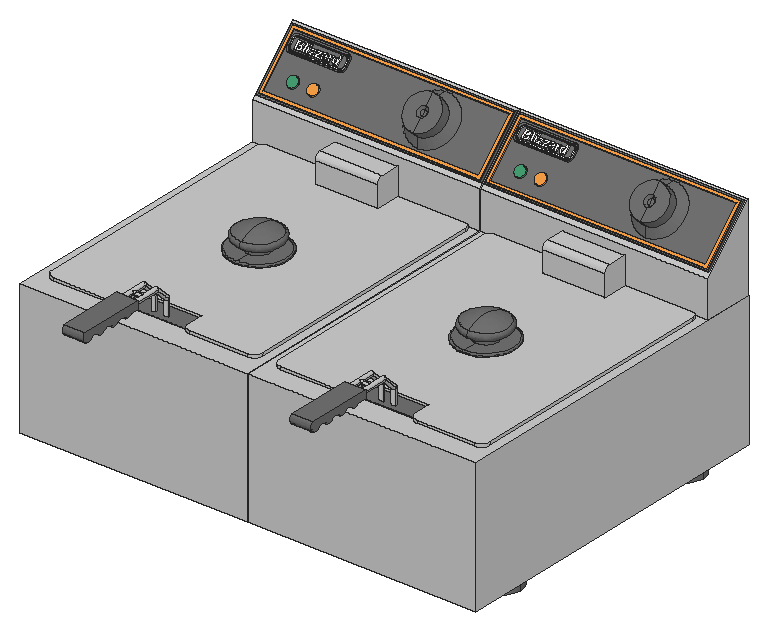
Revit family "QF_BLIZZARD_BF6-6", category Specialty Equipment, Revit 2016
Family settings
  Part Type = Normal
  Round Connector Dimension = Use Diameter
  OmniClass Number = 23.40.40.14
  OmniClass Title = Food Service Equipment
  Work Plane-Based = No
  Always vertical = Yes
  Cut with Voids When Loaded = No
  Shared = No
  Room Calculation Point = No
Parameters (values of type "BF6-6")
  URL = "www.blizzardequipment.com"
  Show Logo [instance] = yes
  Show Clearance [instance] = yes
  Model = "BF6-6"
  Manufacturer = "BLIZZARD"
  Description = "5000W DOUBLE TANK ELECTRIC FRYER 2 X 6L"
  Assembly Code = "E1090320"
Reference planes
  plane 1 "Back": y = 0
  plane 2: z = 0
  plane 3 "Left": x = 0
  plane 4 "Right": x = 549
  plane 5 "Front": y = -410
  plane 6 "Top": z = 285
Forms (mm)
  Extrusion 1, solid
    sketch origin (0, 0, -120) x (0, 1, 0) y (0, 0, 1)
      loop
        line (0, 345) -> (-60, 345) -> (-60, 300.012) -> (0, 300.012) -> (0, 345)
    from 0 to 274
  Extrusion 2, solid
    sketch origin (0, 0, -45.012) x (0, 1, 0) y (0, 0, 1)
      loop
        line (0, 270.012) -> (0, 330.012) -> (-60, 270.012) -> (0, 270.012)
    from 0 to 274
  Extrusion 3, solid
    sketch origin (0, 0, 0) x (0, 1, 0) y (0, 0, 1)
      loop
        line (0, 180.012) -> (-410, 180.012) -> (-410, 19.509) -> (0, 19.509) -> (0, 180.012)
    from 0 to 274
  Extrusion 4, solid
    sketch origin (0, 0, -55.012) x (1, 0, 0) y (0, 1, 0)
      loop
        arc (20, -60) -> (12.929, -62.929) -> (10, -70) r 10
        line (10, -70) -> (10, -375)
        arc (10, -375) -> (12.929, -382.071) -> (20, -385) r 10
        line (20, -385) -> (89.5, -385)
        arc (89.5, -385) -> (96.571, -382.071) -> (99.5, -375) r 10
        line (99.5, -375) -> (99.5, -355) -> (174.5, -355) -> (174.5, -375)
        arc (174.5, -375) -> (177.429, -382.071) -> (184.5, -385) r 10
        line (184.5, -385) -> (254, -385)
        arc (254, -385) -> (261.071, -382.071) -> (264, -375) r 10
        line (264, -375) -> (264, -70)
        arc (264, -70) -> (261.071, -62.929) -> (254, -60) r 10
        line (254, -60) -> (174.5, -60) -> (174.5, -90) -> (99.5, -90) -> (99.5, -60) -> (20, -60)
    from 235.012 to 238.012
  Extrusion 5, solid
    sketch origin (0, 44.77, 0) x (1, 0, 0) y (0, 1, 0)
      loop
        circle (32.179, -94.77) r 20
    from 0 to 19.509
  Extrusion 6, solid
    sketch origin (209, 44.77, 0) x (1, 0, 0) y (0, 1, 0)
      loop
        circle (32.179, -94.77) r 20
    from 0 to 19.509
  Extrusion 7, solid
    sketch origin (0, -230.23, 0) x (1, 0, 0) y (0, 1, 0)
      loop
        circle (32.179, -94.77) r 20
    from 0 to 19.509
  Extrusion 8, solid
    sketch origin (209, -230.23, 0) x (1, 0, 0) y (0, 1, 0)
      loop
        circle (32.179, -94.77) r 20
    from 0 to 19.509
  Extrusion 9, solid
    sketch origin (124.5, 60, -70) x (0, 1, 0) y (0, 0, 1)
      loop
        line (-479.826, 289.253) -> (-559.619, 289.253)
        arc (-559.619, 289.253) -> (-561.702, 284.152) -> (-559.619, 279.051) r 7.289
        arc (-559.619, 279.051) -> (-554.681, 277.153) -> (-549.826, 279.253) r 7
        arc (-549.826, 279.253) -> (-544.826, 281.354) -> (-539.826, 279.253) r 7
        arc (-539.826, 279.253) -> (-534.826, 277.152) -> (-529.826, 279.253) r 7
        arc (-529.826, 279.253) -> (-524.826, 281.354) -> (-519.826, 279.253) r 7
        arc (-519.826, 279.253) -> (-514.826, 277.152) -> (-509.826, 279.253) r 7
        arc (-509.826, 279.253) -> (-504.826, 281.354) -> (-499.826, 279.253) r 7
        arc (-499.826, 279.253) -> (-494.826, 277.152) -> (-489.826, 279.253) r 7
        line (-489.826, 279.253) -> (-479.826, 279.253) -> (-479.826, 289.253)
    from 0 to 25
  Sweep 10, solid
    path origin (129.5, 60, -70) x (0, 1, 0) y (0, 0, 1)
      loop
        line (-479.826, 284.253) -> (-446.21, 284.253) -> (-430.604, 268.646) -> (-430.604, 246.244)
    profile origin (129.5, -403.018, 214.253) x (0, 0, 1) y (1, 0, 0)
      loop
        circle (0, 0) r 2.5
  Sweep 11, solid
    path origin (144.5, 60, -70) x (0, 1, 0) y (0, 0, -1)
      loop
        line (-479.826, -284.253) -> (-446.21, -284.253) -> (-430.604, -268.646) -> (-430.604, -246.244)
    profile origin (144.5, -403.018, 214.253) x (0, 0, -1) y (-1, 0, 0)
      loop
        circle (0, 0) r 2.5
  Extrusion 12, solid
    sketch origin (-8, 60, -55) x (0, 1, 0) y (0, 0, 1)
      loop
        circle (-464.018, 269.245) r 2.153
    from 139.06 to 150.884
  Extrusion 13, solid
    sketch origin (363.088, -120.807, 164.193) x (1, 0, 0) y (0, 0.707106, 0.707108)
      loop
        line (-361.088, 168) -> (-361.088, 92) -> (-91.088, 92) -> (-91.088, 168) -> (-361.088, 168)
    from 0 to 2
  Extrusion 14, solid
    sketch origin (363.088, -120.948, 164.335) x (1, 0, 0) y (0, 0.707106, 0.707108)
      loop
        line (-359.088, 166) -> (-359.088, 94) -> (-93.088, 94) -> (-93.088, 166) -> (-359.088, 166)
      loop
        line (-356.088, 163) -> (-356.088, 97) -> (-96.088, 97) -> (-96.088, 163) -> (-356.088, 163)
    from 0 to 2
  Revolve 15, solid
    sketch origin (192.138, 343.763, -209.866) x (0, 0.707108, -0.707106) y (0, 0.707106, 0.707108)
      loop
        line (-595, 97) -> (-603.953, 88.047) -> (-615.72, 88.047) -> (-615.72, 73.047) -> (-613.494, 70.821) -> (-613.494, 66.623) -> (-595, 66.623) -> (-595, 97)
      axis (-595, 66.623) -> (-615.72, 66.623)
    angle from 0 to 360
  Extrusion 16, solid
    sketch origin (-215.915, -77.229, 209.572) x (1, 0, 0) y (0, 0.707106, 0.707108)
      loop
        circle (248.792, 52.683) r 6.466
    from -0.205 to 1.127
  Extrusion 17, solid, visible <- "Show Logo"
    sketch origin (-13.221, -115.976, 169.589) x (1, 0, 0) y (0, 0.707106, 0.707108)
      loop
        arc (22.13, 139.05) -> (23.822, 134.965) -> (27.907, 133.273) r 5.777
        line (27.907, 133.273) -> (86.809, 133.273)
        arc (86.809, 133.273) -> (90.894, 134.965) -> (92.585, 139.05) r 5.777
        line (92.585, 139.05) -> (92.585, 147.215)
        arc (92.585, 147.215) -> (90.894, 151.299) -> (86.809, 152.991) r 5.777
        line (86.809, 152.991) -> (27.907, 152.991)
        arc (27.907, 152.991) -> (23.822, 151.299) -> (22.13, 147.215) r 5.777
        line (22.13, 147.215) -> (22.13, 139.05)
    from 0 to 2
  Extrusion 18, solid, visible <- "Show Logo"
    sketch origin (-13.221, -112.576, 173.272) x (1, 0, 0) y (0, 0.707106, 0.707108)
      loop
        line (30.3, 133.137) -> (36.162, 133.137)
        arc (36.162, 133.137) -> (39.122, 134.994) -> (38.048, 138.319) r 2.844
        arc (38.048, 138.319) -> (38.838, 141.267) -> (36.338, 143.017) r 2.66
        line (36.338, 143.017) -> (31.338, 143.017) -> (30.3, 133.137)
      loop
        line (33.066, 135.126) -> (35.993, 135.126)
        arc (35.993, 135.126) -> (36.943, 136.076) -> (35.993, 137.026) r 0.95
        line (35.993, 137.026) -> (33.066, 137.026) -> (33.066, 135.126)
      loop
        line (33.528, 139.285) -> (36.147, 139.285)
        arc (36.147, 139.285) -> (36.994, 140.133) -> (36.147, 140.98) r 0.847
        line (36.147, 140.98) -> (33.528, 140.98) -> (33.528, 139.285)
      loop
        line (40.306, 133.137) -> (42.874, 133.137) -> (43.912, 143.017) -> (41.344, 143.017) -> (40.306, 133.137)
      loop
        line (45.174, 140.98) -> (47.749, 140.98) -> (47.964, 143.017) -> (45.389, 143.017) -> (45.174, 140.98)
      loop
        line (45.104, 140.313) -> (44.35, 133.137) -> (46.671, 133.137) -> (47.425, 140.313) -> (45.104, 140.313)
      loop
        line (48.314, 138.359) -> (51.196, 138.359) -> (47.765, 134.548) -> (47.765, 133.137) -> (54.184, 133.137) -> (54.393, 135.126) -> (51.213, 135.126) -> (54.657, 138.952) -> (54.657, 140.313) -> (48.519, 140.313) -> (48.314, 138.359)
      loop
        line (55.213, 138.359) -> (58.095, 138.359) -> (54.664, 134.548) -> (54.664, 133.137) -> (61.084, 133.137) -> (61.293, 135.126) -> (58.112, 135.126) -> (61.557, 138.952) -> (61.557, 140.313) -> (55.419, 140.313) -> (55.213, 138.359)
      loop
        arc (64.816, 137.983) -> (65.785, 138.952) -> (66.753, 137.983) r 0.969
        line (66.753, 137.983) -> (64.711, 137.436)
        arc (64.711, 137.436) -> (62.642, 134.297) -> (66.342, 133.633) r 2.251
        line (66.342, 133.633) -> (66.77, 132.921) -> (69.168, 132.921) -> (68.641, 134.052) -> (69.084, 138.274)
        arc (69.084, 138.274) -> (65.782, 140.567) -> (62.514, 138.225) r 3.488
        line (62.514, 138.225) -> (64.816, 137.983)
      loop
        line (69.848, 133.137) -> (72.232, 133.137) -> (72.59, 136.546)
        arc (72.59, 136.546) -> (73.413, 137.974) -> (75.025, 138.32) r 2.029
        line (75.025, 138.32) -> (75.83, 140.313)
        arc (75.83, 140.313) -> (74.279, 140.541) -> (72.927, 139.749) r 2.362
        line (72.927, 139.749) -> (72.927, 140.627) -> (70.635, 140.627) -> (69.848, 133.137)
      loop
        line (82.596, 133.137) -> (83.635, 143.017) -> (81.373, 143.017) -> (81.031, 139.764)
        arc (81.031, 139.764) -> (75.402, 137.124) -> (80.359, 133.372) r 3.631
        line (80.359, 133.372) -> (82.596, 133.137)
      loop
        spline (78.956, 134.82) -> (79.32, 134.851) -> (79.675, 135.016) -> (79.994, 135.304) -> (80.258, 135.695) -> (80.446, 136.164) -> (80.548, 136.677) -> (80.555, 137.2) -> (80.468, 137.697) -> (80.292, 138.134) -> (80.039, 138.483) -> (79.727, 138.718) -> (79.376, 138.823)
        spline (79.376, 138.823) -> (79.011, 138.793) -> (78.657, 138.628) -> (78.338, 138.34) -> (78.074, 137.948) -> (77.886, 137.48) -> (77.784, 136.967) -> (77.777, 136.444) -> (77.864, 135.947) -> (78.04, 135.509) -> (78.293, 135.161) -> (78.605, 134.926) -> (78.956, 134.82)
      loop
        line (66.385, 136.28) -> (64.729, 135.958)
        arc (64.729, 135.958) -> (64.361, 135.233) -> (65.042, 134.788) r 0.609
        arc (65.042, 134.788) -> (66.068, 135.215) -> (66.385, 136.28) r 1.295
      loop
        line (85.459, 146.184) -> (29.578, 146.184)
        arc (29.578, 146.184) -> (25.494, 144.492) -> (23.802, 140.407) r 5.777
        line (23.802, 140.407) -> (23.802, 135.662)
        arc (23.802, 135.662) -> (25.494, 131.578) -> (29.578, 129.886) r 5.777
        line (29.578, 129.886) -> (85.459, 129.886)
        arc (85.459, 129.886) -> (89.544, 131.578) -> (91.236, 135.662) r 5.777
        line (91.236, 135.662) -> (91.236, 140.407)
        arc (91.236, 140.407) -> (89.544, 144.492) -> (85.459, 146.184) r 5.777
      loop
        line (85.459, 145.184) -> (29.578, 145.184)
        arc (29.578, 145.184) -> (26.201, 143.785) -> (24.802, 140.407) r 4.777
        line (24.802, 140.407) -> (24.802, 135.662)
        arc (24.802, 135.662) -> (26.201, 132.285) -> (29.578, 130.886) r 4.777
        line (29.578, 130.886) -> (85.459, 130.886)
        arc (85.459, 130.886) -> (88.837, 132.285) -> (90.236, 135.662) r 4.777
        line (90.236, 135.662) -> (90.236, 140.407)
        arc (90.236, 140.407) -> (88.837, 143.785) -> (85.459, 145.184) r 4.777
    from 0 to 2
  Extrusion 19, solid
    sketch origin (-191.544, -77.242, 209.559) x (1, 0, 0) y (0, 0.707106, 0.707108)
      loop
        circle (248.792, 52.683) r 6.466
    from -0.205 to 1.127
  Extrusion 20, solid
    sketch origin (274, 0, -120) x (0, 1, 0) y (0, 0, 1)
      loop
        line (0, 345) -> (-60, 345) -> (-60, 300.012) -> (0, 300.012) -> (0, 345)
    from 0 to 274
  Extrusion 21, solid
    sketch origin (274, 0, -45.012) x (0, 1, 0) y (0, 0, 1)
      loop
        line (0, 270.012) -> (0, 330.012) -> (-60, 270.012) -> (0, 270.012)
    from 0 to 274
  Extrusion 22, solid
    sketch origin (274, 0, 0) x (0, 1, 0) y (0, 0, 1)
      loop
        line (0, 180.012) -> (-410, 180.012) -> (-410, 19.509) -> (0, 19.509) -> (0, 180.012)
    from 0 to 275
  Extrusion 23, solid
    sketch origin (274, 0, -55.012) x (1, 0, 0) y (0, 1, 0)
      loop
        arc (20, -60) -> (12.929, -62.929) -> (10, -70) r 10
        line (10, -70) -> (10, -375)
        arc (10, -375) -> (12.929, -382.071) -> (20, -385) r 10
        line (20, -385) -> (89.5, -385)
        arc (89.5, -385) -> (96.571, -382.071) -> (99.5, -375) r 10
        line (99.5, -375) -> (99.5, -355) -> (174.5, -355) -> (174.5, -375)
        arc (174.5, -375) -> (177.429, -382.071) -> (184.5, -385) r 10
        line (184.5, -385) -> (254, -385)
        arc (254, -385) -> (261.071, -382.071) -> (264, -375) r 10
        line (264, -375) -> (264, -70)
        arc (264, -70) -> (261.071, -62.929) -> (254, -60) r 10
        line (254, -60) -> (174.5, -60) -> (174.5, -90) -> (99.5, -90) -> (99.5, -60) -> (20, -60)
    from 235.012 to 238.012
  Extrusion 24, solid
    sketch origin (274, 44.77, 0) x (1, 0, 0) y (0, 1, 0)
      loop
        circle (32.179, -94.77) r 20
    from 0 to 19.509
  Extrusion 25, solid
    sketch origin (483, 44.77, 0) x (1, 0, 0) y (0, 1, 0)
      loop
        circle (32.179, -94.77) r 20
    from 0 to 19.509
  Extrusion 26, solid
    sketch origin (274, -230.23, 0) x (1, 0, 0) y (0, 1, 0)
      loop
        circle (32.179, -94.77) r 20
    from 0 to 19.509
  Extrusion 27, solid
    sketch origin (483, -230.23, 0) x (1, 0, 0) y (0, 1, 0)
      loop
        circle (32.179, -94.77) r 20
    from 0 to 19.509
  Extrusion 28, solid
    sketch origin (398.5, 60, -70) x (0, 1, 0) y (0, 0, 1)
      loop
        line (-479.826, 289.253) -> (-559.619, 289.253)
        arc (-559.619, 289.253) -> (-561.702, 284.152) -> (-559.619, 279.051) r 7.289
        arc (-559.619, 279.051) -> (-554.681, 277.153) -> (-549.826, 279.253) r 7
        arc (-549.826, 279.253) -> (-544.826, 281.354) -> (-539.826, 279.253) r 7
        arc (-539.826, 279.253) -> (-534.826, 277.152) -> (-529.826, 279.253) r 7
        arc (-529.826, 279.253) -> (-524.826, 281.354) -> (-519.826, 279.253) r 7
        arc (-519.826, 279.253) -> (-514.826, 277.152) -> (-509.826, 279.253) r 7
        arc (-509.826, 279.253) -> (-504.826, 281.354) -> (-499.826, 279.253) r 7
        arc (-499.826, 279.253) -> (-494.826, 277.152) -> (-489.826, 279.253) r 7
        line (-489.826, 279.253) -> (-479.826, 279.253) -> (-479.826, 289.253)
    from 0 to 25
  Sweep 29, solid
    path origin (403.5, 60, -70) x (0, 1, 0) y (0, 0, 1)
      loop
        line (-479.826, 284.253) -> (-446.21, 284.253) -> (-430.604, 268.646) -> (-430.604, 246.244)
    profile origin (403.5, -403.018, 214.253) x (0, 0, 1) y (1, 0, 0)
      loop
        circle (0, 0) r 2.5
  Sweep 30, solid
    path origin (418.5, 60, -70) x (0, 1, 0) y (0, 0, -1)
      loop
        line (-479.826, -284.253) -> (-446.21, -284.253) -> (-430.604, -268.646) -> (-430.604, -246.244)
    profile origin (418.5, -403.018, 214.253) x (0, 0, -1) y (-1, 0, 0)
      loop
        circle (0, 0) r 2.5
  Extrusion 31, solid
    sketch origin (266, 60, -55) x (0, 1, 0) y (0, 0, 1)
      loop
        circle (-464.018, 269.245) r 2.153
    from 139.06 to 150.884
  Extrusion 32, solid
    sketch origin (637.088, -120.807, 164.193) x (1, 0, 0) y (0, 0.707106, 0.707108)
      loop
        line (-361.088, 168) -> (-361.088, 92) -> (-91.088, 92) -> (-91.088, 168) -> (-361.088, 168)
    from 0 to 2
  Extrusion 33, solid
    sketch origin (637.088, -120.948, 164.335) x (1, 0, 0) y (0, 0.707106, 0.707108)
      loop
        line (-359.088, 166) -> (-359.088, 94) -> (-93.088, 94) -> (-93.088, 166) -> (-359.088, 166)
      loop
        line (-356.088, 163) -> (-356.088, 97) -> (-96.088, 97) -> (-96.088, 163) -> (-356.088, 163)
    from 0 to 2
  Revolve 34, solid
    sketch origin (466.138, 343.763, -209.866) x (0, 0.707108, -0.707106) y (0, 0.707106, 0.707108)
      loop
        line (-595, 97) -> (-603.953, 88.047) -> (-615.72, 88.047) -> (-615.72, 73.047) -> (-613.494, 70.821) -> (-613.494, 66.623) -> (-595, 66.623) -> (-595, 97)
      axis (-595, 66.623) -> (-615.72, 66.623)
    angle from 0 to 360
  Extrusion 35, solid
    sketch origin (58.085, -77.229, 209.572) x (1, 0, 0) y (0, 0.707106, 0.707108)
      loop
        circle (248.792, 52.683) r 6.466
    from -0.205 to 1.127
  Extrusion 36, solid, visible <- "Show Logo"
    sketch origin (260.779, -115.976, 169.589) x (1, 0, 0) y (0, 0.707106, 0.707108)
      loop
        arc (22.13, 139.05) -> (23.822, 134.965) -> (27.907, 133.273) r 5.777
        line (27.907, 133.273) -> (86.809, 133.273)
        arc (86.809, 133.273) -> (90.894, 134.965) -> (92.585, 139.05) r 5.777
        line (92.585, 139.05) -> (92.585, 147.215)
        arc (92.585, 147.215) -> (90.894, 151.299) -> (86.809, 152.991) r 5.777
        line (86.809, 152.991) -> (27.907, 152.991)
        arc (27.907, 152.991) -> (23.822, 151.299) -> (22.13, 147.215) r 5.777
        line (22.13, 147.215) -> (22.13, 139.05)
    from 0 to 2
  Extrusion 37, solid, visible <- "Show Logo"
    sketch origin (260.779, -112.576, 173.272) x (1, 0, 0) y (0, 0.707106, 0.707108)
      loop
        line (30.3, 133.137) -> (36.162, 133.137)
        arc (36.162, 133.137) -> (39.122, 134.994) -> (38.048, 138.319) r 2.844
        arc (38.048, 138.319) -> (38.838, 141.267) -> (36.338, 143.017) r 2.66
        line (36.338, 143.017) -> (31.338, 143.017) -> (30.3, 133.137)
      loop
        line (33.066, 135.126) -> (35.993, 135.126)
        arc (35.993, 135.126) -> (36.943, 136.076) -> (35.993, 137.026) r 0.95
        line (35.993, 137.026) -> (33.066, 137.026) -> (33.066, 135.126)
      loop
        line (33.528, 139.285) -> (36.147, 139.285)
        arc (36.147, 139.285) -> (36.994, 140.133) -> (36.147, 140.98) r 0.847
        line (36.147, 140.98) -> (33.528, 140.98) -> (33.528, 139.285)
      loop
        line (40.306, 133.137) -> (42.874, 133.137) -> (43.912, 143.017) -> (41.344, 143.017) -> (40.306, 133.137)
      loop
        line (45.174, 140.98) -> (47.749, 140.98) -> (47.964, 143.017) -> (45.389, 143.017) -> (45.174, 140.98)
      loop
        line (45.104, 140.313) -> (44.35, 133.137) -> (46.671, 133.137) -> (47.425, 140.313) -> (45.104, 140.313)
      loop
        line (48.314, 138.359) -> (51.196, 138.359) -> (47.765, 134.548) -> (47.765, 133.137) -> (54.184, 133.137) -> (54.393, 135.126) -> (51.213, 135.126) -> (54.657, 138.952) -> (54.657, 140.313) -> (48.519, 140.313) -> (48.314, 138.359)
      loop
        line (55.213, 138.359) -> (58.095, 138.359) -> (54.664, 134.548) -> (54.664, 133.137) -> (61.084, 133.137) -> (61.293, 135.126) -> (58.112, 135.126) -> (61.557, 138.952) -> (61.557, 140.313) -> (55.419, 140.313) -> (55.213, 138.359)
      loop
        arc (64.816, 137.983) -> (65.785, 138.952) -> (66.753, 137.983) r 0.969
        line (66.753, 137.983) -> (64.711, 137.436)
        arc (64.711, 137.436) -> (62.642, 134.297) -> (66.342, 133.633) r 2.251
        line (66.342, 133.633) -> (66.77, 132.921) -> (69.168, 132.921) -> (68.641, 134.052) -> (69.084, 138.274)
        arc (69.084, 138.274) -> (65.782, 140.567) -> (62.514, 138.225) r 3.488
        line (62.514, 138.225) -> (64.816, 137.983)
      loop
        line (69.848, 133.137) -> (72.232, 133.137) -> (72.59, 136.546)
        arc (72.59, 136.546) -> (73.413, 137.974) -> (75.025, 138.32) r 2.029
        line (75.025, 138.32) -> (75.83, 140.313)
        arc (75.83, 140.313) -> (74.279, 140.541) -> (72.927, 139.749) r 2.362
        line (72.927, 139.749) -> (72.927, 140.627) -> (70.635, 140.627) -> (69.848, 133.137)
      loop
        line (82.596, 133.137) -> (83.635, 143.017) -> (81.373, 143.017) -> (81.031, 139.764)
        arc (81.031, 139.764) -> (75.402, 137.124) -> (80.359, 133.372) r 3.631
        line (80.359, 133.372) -> (82.596, 133.137)
      loop
        spline (78.956, 134.82) -> (79.32, 134.851) -> (79.675, 135.016) -> (79.994, 135.304) -> (80.258, 135.695) -> (80.446, 136.164) -> (80.548, 136.677) -> (80.555, 137.2) -> (80.468, 137.697) -> (80.292, 138.134) -> (80.039, 138.483) -> (79.727, 138.718) -> (79.376, 138.823)
        spline (79.376, 138.823) -> (79.011, 138.793) -> (78.657, 138.628) -> (78.338, 138.34) -> (78.074, 137.948) -> (77.886, 137.48) -> (77.784, 136.967) -> (77.777, 136.444) -> (77.864, 135.947) -> (78.04, 135.509) -> (78.293, 135.161) -> (78.605, 134.926) -> (78.956, 134.82)
      loop
        line (66.385, 136.28) -> (64.729, 135.958)
        arc (64.729, 135.958) -> (64.361, 135.233) -> (65.042, 134.788) r 0.609
        arc (65.042, 134.788) -> (66.068, 135.215) -> (66.385, 136.28) r 1.295
      loop
        line (85.459, 146.184) -> (29.578, 146.184)
        arc (29.578, 146.184) -> (25.494, 144.492) -> (23.802, 140.407) r 5.777
        line (23.802, 140.407) -> (23.802, 135.662)
        arc (23.802, 135.662) -> (25.494, 131.578) -> (29.578, 129.886) r 5.777
        line (29.578, 129.886) -> (85.459, 129.886)
        arc (85.459, 129.886) -> (89.544, 131.578) -> (91.236, 135.662) r 5.777
        line (91.236, 135.662) -> (91.236, 140.407)
        arc (91.236, 140.407) -> (89.544, 144.492) -> (85.459, 146.184) r 5.777
      loop
        line (85.459, 145.184) -> (29.578, 145.184)
        arc (29.578, 145.184) -> (26.201, 143.785) -> (24.802, 140.407) r 4.777
        line (24.802, 140.407) -> (24.802, 135.662)
        arc (24.802, 135.662) -> (26.201, 132.285) -> (29.578, 130.886) r 4.777
        line (29.578, 130.886) -> (85.459, 130.886)
        arc (85.459, 130.886) -> (88.837, 132.285) -> (90.236, 135.662) r 4.777
        line (90.236, 135.662) -> (90.236, 140.407)
        arc (90.236, 140.407) -> (88.837, 143.785) -> (85.459, 145.184) r 4.777
    from 0 to 2
  Extrusion 38, solid
    sketch origin (82.456, -77.242, 209.559) x (1, 0, 0) y (0, 0.707106, 0.707108)
      loop
        circle (248.792, 52.683) r 6.466
    from -0.205 to 1.127
  Revolve 39, solid
    sketch origin (411, -26.981, -6.975) x (0, 1, 0) y (0, 0, 1)
      loop
        line (-195.519, 217.81) -> (-195.519, 189.988) -> (-160.519, 189.988) -> (-160.519, 190.988)
        arc (-160.519, 190.988) -> (-160.942, 192.009) -> (-161.964, 192.433) r 1.445
        line (-161.964, 192.433) -> (-180.519, 192.433) -> (-180.519, 197.48)
        arc (-180.519, 197.48) -> (-174.917, 199.623) -> (-169.559, 202.319) r 59.477
        arc (-169.559, 202.319) -> (-167.282, 206.232) -> (-169.559, 210.145) r 4.5
        arc (-169.559, 210.145) -> (-182.097, 215.474) -> (-195.519, 217.81) r 59.477
      axis (-195.519, 189.988) -> (-195.519, 217.81)
    angle from 0 to 360
  Revolve 40, solid
    sketch origin (137, -26.981, -6.975) x (0, 1, 0) y (0, 0, 1)
      loop
        line (-195.519, 217.81) -> (-195.519, 189.988) -> (-160.519, 189.988) -> (-160.519, 190.988)
        arc (-160.519, 190.988) -> (-160.942, 192.009) -> (-161.964, 192.433) r 1.445
        line (-161.964, 192.433) -> (-180.519, 192.433) -> (-180.519, 197.48)
        arc (-180.519, 197.48) -> (-174.917, 199.623) -> (-169.559, 202.319) r 59.477
        arc (-169.559, 202.319) -> (-167.282, 206.232) -> (-169.559, 210.145) r 4.5
        arc (-169.559, 210.145) -> (-182.097, 215.474) -> (-195.519, 217.81) r 59.477
      axis (-195.519, 189.988) -> (-195.519, 217.81)
    angle from 0 to 360
  Extrusion 41, solid
    sketch origin (-18, 0, 178.512) x (1, 0, 0) y (0, 1, 0)
      loop
        arc (117.5, -375) -> (117.159, -377.588) -> (116.16, -380) r 10
        line (116.16, -380) -> (193.84, -380)
        arc (193.84, -380) -> (192.841, -377.588) -> (192.5, -375) r 10
        line (192.5, -375) -> (192.5, -355) -> (117.5, -355) -> (117.5, -375)
    from 0 to 2
  Extrusion 42, solid
    sketch origin (256, 0, 178.512) x (1, 0, 0) y (0, 1, 0)
      loop
        arc (117.5, -375) -> (117.159, -377.588) -> (116.16, -380) r 10
        line (116.16, -380) -> (193.84, -380)
        arc (193.84, -380) -> (192.841, -377.588) -> (192.5, -375) r 10
        line (192.5, -375) -> (192.5, -355) -> (117.5, -355) -> (117.5, -375)
    from 0 to 2
  Extrusion 43, solid
    sketch origin (266, 2.071, -65) x (0, 1, 0) y (0, 0, 1)
      loop
        line (-92.071, 245.012) -> (-62.071, 245.012) -> (-62.071, 280.012) -> (-85, 280.012)
        arc (-85, 280.012) -> (-90, 277.941) -> (-92.071, 272.941) r 7.071
        line (-92.071, 272.941) -> (-92.071, 245.012)
    from 107.5 to 182.5
  Extrusion 44, solid
    sketch origin (-8, 2.071, -65) x (0, 1, 0) y (0, 0, 1)
      loop
        line (-92.071, 245.012) -> (-62.071, 245.012) -> (-62.071, 280.012) -> (-85, 280.012)
        arc (-85, 280.012) -> (-90, 277.941) -> (-92.071, 272.941) r 7.071
        line (-92.071, 272.941) -> (-92.071, 245.012)
    from 107.5 to 182.5
Cuts and joins
  joined: Extrusion 1, Extrusion 2, Extrusion 3
  joined: Extrusion 20, Extrusion 21, Extrusion 22
Lines and regions (mm)
  reference lines
    curve 1: line (0, -183.475, 1485) -> (0, -697.791, 1021.908)
  symbolic lines, style "200-EquipBorder-2D"
    curve 2: line (0, 0, 0) -> (549, 0, 0)
    curve 3: line (0, -410, 0) -> (0, 0, 0)
    curve 4: line (401.028, -410, 0) -> (147, -410, 0)
    curve 5: line (549, 0, 0) -> (549, -410, 0)
    curve 11: line (423.5, -501.702, 0) -> (398.5, -501.702, 0)
    curve 12: line (398.5, -501.702, 0) -> (398.5, -419.826, 0)
    curve 13: line (398.5, -419.826, 0) -> (423.5, -419.826, 0)
    curve 14: line (423.5, -419.826, 0) -> (423.5, -501.702, 0)
    curve 15: line (401.028, -370.228, 0) -> (401.028, -419.826, 0)
    curve 16: line (406, -370.604, 0) -> (406, -401.742, 0)
    curve 17: line (416.028, -370.979, 0) -> (416.028, -401.742, 0)
    curve 18: line (421, -370.604, 0) -> (421, -419.826, 0)
    curve 19: line (416, -419.826, 0) -> (416, -406.195, 0)
    curve 20: line (416, -406.195, 0) -> (406, -406.195, 0)
    curve 21: line (406, -406.195, 0) -> (406, -419.826, 0)
    curve 22: arc (406, -370.604, 0) -> (403.688, -368.111, 0) -> (401.028, -370.228, 0) r 2.5
    curve 23: arc (421, -370.604, 0) -> (418.312, -368.111, 0) -> (416.028, -370.979, 0) r 2.5
    curve 24: line (406, -401.742, 0) -> (416.028, -401.742, 0)
    curve 25: line (149.5, -501.702, 0) -> (124.5, -501.702, 0)
    curve 26: line (124.5, -501.702, 0) -> (124.5, -419.826, 0)
    curve 27: line (124.5, -419.826, 0) -> (149.5, -419.826, 0)
    curve 28: line (149.5, -419.826, 0) -> (149.5, -501.702, 0)
    curve 29: line (127.028, -370.228, 0) -> (127.028, -419.826, 0)
    curve 30: line (132, -370.604, 0) -> (132, -401.742, 0)
    curve 31: line (142.028, -370.979, 0) -> (142.028, -401.742, 0)
    curve 32: line (147, -370.604, 0) -> (147, -419.826, 0)
    curve 33: line (142, -419.826, 0) -> (142, -406.195, 0)
    curve 34: line (142, -406.195, 0) -> (132, -406.195, 0)
    curve 35: arc (132, -370.604, 0) -> (129.688, -368.111, 0) -> (127.028, -370.228, 0) r 2.5
    curve 36: arc (147, -370.604, 0) -> (144.312, -368.111, 0) -> (142.028, -370.979, 0) r 2.5
    curve 37: line (132, -401.742, 0) -> (142.028, -401.742, 0)
    curve 66: line (132, -406.195, 0) -> (132, -419.826, 0)
    curve 67: line (127.028, -410, 0) -> (0, -410, 0)
    curve 68: line (406, -410, 0) -> (416, -410, 0)
    curve 69: line (421, -410, 0) -> (549, -410, 0)
    curve 91: line (142, -410, 0) -> (132, -410, 0)
  symbolic lines, style "200-EquipInternal-2D"
    curve 6: line (274, 0, 0) -> (274, -410, 0)
    curve 7: circle (411, -222.5, 0) r 35 normal (0, 0, 1)
    curve 8: circle (411, -222.5, 0) r 28 normal (0, 0, 1)
    curve 9: circle (137, -222.5, 0) r 35 normal (0, 0, 1)
    curve 10: circle (137, -222.5, 0) r 28 normal (0, 0, 1)
    curve 38: spline (444.713, -45.073, 0) -> (438.098, -38.101, 0) -> (435.76, -29.868, 0) -> (438.058, -21.63, 0) -> (444.639, -14.642, 0) -> (454.501, -9.972, 0) -> (466.138, -8.332, 0) -> (477.775, -9.972, 0) -> (487.636, -14.642, 0) -> (494.218, -21.63, 0) -> (496.515, -29.868, 0) -> (494.177, -38.101, 0) -> (487.562, -45.073, 0)
    curve 39: spline (487.562, -44.47, 0) -> (486.832, -48.394, 0) -> (484.692, -52.051, 0) -> (481.287, -55.191, 0) -> (476.85, -57.601, 0) -> (471.683, -59.116, 0) -> (466.138, -59.632, 0) -> (460.593, -59.116, 0) -> (455.425, -57.601, 0) -> (450.988, -55.191, 0) -> (447.584, -52.051, 0) -> (445.443, -48.394, 0) -> (444.713, -44.47, 0) -> (445.443, -40.545, 0) -> (447.584, -36.888, 0) -> (450.988, -33.748, 0) -> (455.425, -31.338, 0) -> (460.593, -29.824, 0) -> (466.138, -29.307, 0) -> (471.683, -29.824, 0) -> (476.85, -31.338, 0) -> (481.287, -33.748, 0) -> (484.692, -36.888, 0) -> (486.832, -40.545, 0) -> (487.562, -44.47, 0)
    curve 40: spline (487.562, -36.168, 0) -> (486.832, -32.243, 0) -> (484.692, -28.586, 0) -> (481.287, -25.446, 0) -> (476.85, -23.036, 0) -> (471.683, -21.522, 0) -> (466.138, -21.005, 0) -> (460.593, -21.522, 0) -> (455.425, -23.036, 0) -> (450.988, -25.446, 0) -> (447.584, -28.586, 0) -> (445.443, -32.243, 0) -> (444.713, -36.168, 0)
    curve 41: line (444.713, -36.168, 0) -> (444.713, -45.073, 0)
    curve 42: line (487.562, -36.168, 0) -> (487.562, -45.073, 0)
    curve 43: line (20, -385, 0) -> (89.5, -385, 0)
    curve 44: arc (10, -375, 0) -> (12.929, -382.071, 0) -> (20, -385, 0) r 10
    curve 45: line (10, -70, 0) -> (10, -375, 0)
    curve 46: arc (89.5, -385, 0) -> (96.571, -382.071, 0) -> (99.5, -375, 0) r 10
    curve 47: line (99.5, -375, 0) -> (99.5, -355, 0)
    curve 48: line (99.5, -355, 0) -> (174.5, -355, 0)
    curve 49: line (174.5, -355, 0) -> (174.5, -375, 0)
    curve 50: arc (174.5, -375, 0) -> (177.429, -382.071, 0) -> (184.5, -385, 0) r 10
    curve 51: line (184.5, -385, 0) -> (254, -385, 0)
    curve 52: arc (254, -385, 0) -> (261.071, -382.071, 0) -> (264, -375, 0) r 10
    curve 53: line (264, -375, 0) -> (264, -70, 0)
    curve 54: arc (264, -70, 0) -> (261.071, -62.929, 0) -> (254, -60, 0) r 10
    curve 55: arc (20, -60, 0) -> (12.929, -62.929, 0) -> (10, -70, 0) r 10
    curve 56: line (99.5, -60, 0) -> (99.5, -90, 0)
    curve 57: line (174.5, -90, 0) -> (99.5, -90, 0)
    curve 58: line (174.5, -90, 0) -> (174.5, -60, 0)
    curve 59: line (0, -60, 0) -> (549, -60, 0)
    curve 60: line (373.5, -90, 0) -> (373.5, -60, 0)
    curve 61: line (373.5, -90, 0) -> (448.5, -90, 0)
    curve 62: line (448.5, -90, 0) -> (448.5, -60, 0)
    curve 63: line (98.16, -380, 0) -> (127.028, -380, 0)
    curve 64: line (132, -380, 0) -> (142.028, -380, 0)
    curve 65: line (147, -380, 0) -> (175.84, -380, 0)
    curve 70: line (373.5, -375, 0) -> (373.5, -355, 0)
    curve 71: line (373.5, -355, 0) -> (448.5, -355, 0)
    curve 72: arc (363.5, -385, 0) -> (370.571, -382.071, 0) -> (373.5, -375, 0) r 10
    curve 73: line (294, -385, 0) -> (363.5, -385, 0)
    curve 74: arc (284, -375, 0) -> (286.929, -382.071, 0) -> (294, -385, 0) r 10
    curve 75: line (284, -70, 0) -> (284, -375, 0)
    curve 76: line (448.5, -355, 0) -> (448.5, -375, 0)
    curve 77: arc (448.5, -375, 0) -> (451.429, -382.071, 0) -> (458.5, -385, 0) r 10
    curve 78: line (458.5, -385, 0) -> (528, -385, 0)
    curve 79: arc (528, -385, 0) -> (535.071, -382.071, 0) -> (538, -375, 0) r 10
    curve 80: line (538, -375, 0) -> (538, -70, 0)
    curve 81: line (372.16, -380, 0) -> (401.028, -380, 0)
    curve 82: line (406, -380, 0) -> (416.028, -380, 0)
    curve 83: line (421, -380, 0) -> (449.84, -380, 0)
    curve 84: arc (294, -60, 0) -> (286.929, -62.929, 0) -> (284, -70, 0) r 10
    curve 85: arc (538, -70, 0) -> (535.071, -62.929, 0) -> (528, -60, 0) r 10
    curve 86: spline (170.713, -45.073, 0) -> (164.098, -38.101, 0) -> (161.76, -29.868, 0) -> (164.058, -21.63, 0) -> (170.639, -14.642, 0) -> (180.501, -9.972, 0) -> (192.138, -8.332, 0) -> (203.775, -9.972, 0) -> (213.636, -14.642, 0) -> (220.218, -21.63, 0) -> (222.515, -29.868, 0) -> (220.177, -38.101, 0) -> (213.562, -45.073, 0)
    curve 87: spline (213.562, -44.47, 0) -> (212.832, -48.394, 0) -> (210.692, -52.051, 0) -> (207.287, -55.191, 0) -> (202.85, -57.601, 0) -> (197.683, -59.116, 0) -> (192.138, -59.632, 0) -> (186.593, -59.116, 0) -> (181.425, -57.601, 0) -> (176.988, -55.191, 0) -> (173.584, -52.051, 0) -> (171.443, -48.394, 0) -> (170.713, -44.47, 0) -> (171.443, -40.545, 0) -> (173.584, -36.888, 0) -> (176.988, -33.748, 0) -> (181.425, -31.338, 0) -> (186.593, -29.824, 0) -> (192.138, -29.307, 0) -> (197.683, -29.824, 0) -> (202.85, -31.338, 0) -> (207.287, -33.748, 0) -> (210.692, -36.888, 0) -> (212.832, -40.545, 0) -> (213.562, -44.47, 0)
    curve 88: spline (213.562, -36.168, 0) -> (212.832, -32.243, 0) -> (210.692, -28.586, 0) -> (207.287, -25.446, 0) -> (202.85, -23.036, 0) -> (197.683, -21.522, 0) -> (192.138, -21.005, 0) -> (186.593, -21.522, 0) -> (181.425, -23.036, 0) -> (176.988, -25.446, 0) -> (173.584, -28.586, 0) -> (171.443, -32.243, 0) -> (170.713, -36.168, 0)
    curve 89: line (170.713, -36.168, 0) -> (170.713, -45.073, 0)
    curve 90: line (213.562, -36.168, 0) -> (213.562, -45.073, 0)
Dimensions and locks
  plane 3 "Left" to plane 4 "Right" = 549 mm
  plane 5 "Front" to plane 1 "Back" = 410 mm
  plane 1 "Back" to plane 5 "Front" = 410 mm
  plane 4 "Right" to plane 3 "Left" = 549 mm  (x2)
  plane 6 "Top" to level = 285 mm  (x2)
  aligned and locked: level to plane 2
